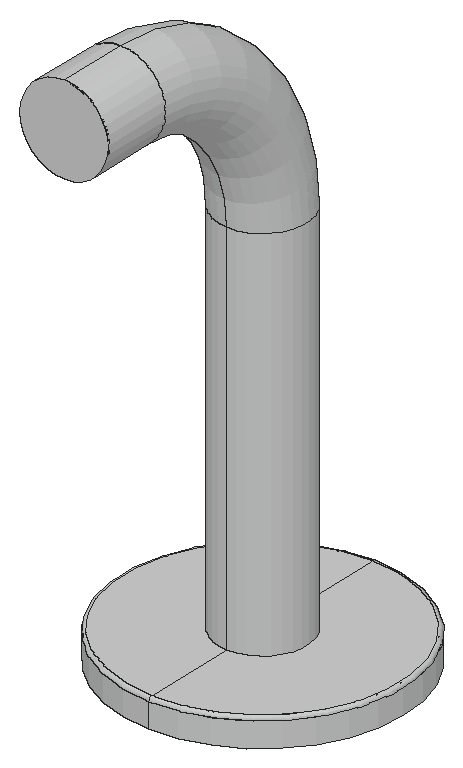
Revit family "Spout_BasinBath_Abey_LuciaBuilders_165_FaceBased", category Plumbing Fixtures, host Face, Revit 2022
Family settings
  Host = Face
  Round Connector Dimension = Use Diameter
  Part Type = Normal
  OmniClass Number = 23.31.11.19
  OmniClass Title = Faucet Mixing Valves
  Cut with Voids When Loaded = Yes
  Maintain Annotation Orientation = No
  Shared = No
  Room Calculation Point = No
Parameters (values of type "Chrome (4CS-165-LF)")
  Waste Connection = no
  Vent Connection = no
  Uniclass2015Version = "Products v1.38"
  Uniclass2015Title = "Mixer taps"
  Uniclass2015Code = "Pr_40_20_87_55"
  URL = "https://www.abey.com.au/"
  Type Comments = "Spout - Basin Bath - 165 - Chrome"
  ModifiedIssue = 20251103
  Model = "4CS-165-LF"
  Material = Metal_Abey_Chrome
  ManufacturerURLProductSpecific = "https://www.abeyspecifier.com.au/product/lucia-builders-basin-bath-outlet-165mm/"
  ManufacturerSpecCode = Model  # "4CS-165-LF"
  ManufacturerOverallWidth = 80 mm  # constant formula
  ManufacturerOverallHeight = 110 mm  # constant formula
  ManufacturerOverallDepth = 177.5 mm  # constant formula
  Manufacturer = "Abey"
  Keynote = ""
  IfcExportType = "FAUCET"
  IfcExportAs = "IfcValve"
  HW Connection = yes
  Description = "Lucia Builders 165mm Basin/Bath Spout Chrome"
  Default Elevation = 1050 mm
  CreatedByURL = "https://igsgroup.com.au"
  CreatedBy = "IGS BIM Solutions"  # constant formula
  Cost = 0
  CW Connection = yes
  Assembly Code = "C1030210"
Types (3, lengths in mm): name | Type Comments | Model | Material | ManufacturerURLProductSpecific | ManufacturerSpecCode | Description
  Chrome (4CS-165-LF) | "Spout - Basin Bath - 165 - Chrome" | "4CS-165-LF" | Metal_Abey_Chrome | "https://www.abeyspecifier.com.au/product/lucia-builders-basin-bath-outlet-165mm/" | "4CS-165-LF" | "Lucia Builders 165mm Basin/Bath Spout Chrome"
  Brushed Nickel (4CS-165-BN-LF) | "Spout - Basin Bath - 165 - Brushed Nickel" | "4CS-165-BN-LF" | Metal_Abey_BrushedNickel | "https://www.abeyspecifier.com.au/product/lucia-builders-basin-bath-outlet-165mm/?attribute_pa_finish=brushed-nickel" | "4CS-165-BN-LF" | "Lucia Builders 165mm Basin/Bath Spout Brushed Nickel"
  Black (4CS-165-B-LF) | "Spout - Basin Bath - 165 - Black" | "4CS-165-B-LF" | Metal_Abey_Black | "https://www.abeyspecifier.com.au/product/lucia-builders-basin-bath-outlet-165mm/?attribute_pa_finish=black" | "4CS-165-B-LF" | "Lucia Builders 165mm Basin/Bath Spout Black"
Reference planes
  plane 1 "Top": y = 31.5
  plane 2 "WallFace": z = 0
  plane 3 "Center (Left/Right)": x = -97.18
  plane 4 "Bottom": y = -78.5
  plane 5 "Left": x = -137.18
  plane 6 "Right": x = -57.18
  plane 7 "Back": z = 0
  plane 8 "Front": z = 177.5
  plane 9 "MountingHeight": y = -8.5
Forms (mm)
  Extrusion 1, void
    sketch origin (0, 0, 0) x (1, 0, 0) y (0, 1, 0)
      loop
        circle (-97.18, -8.5) r 15
    from 0 to -30
Text (mm)
  text "Disclaimer:\nDue to ongoing product development and manufacturing evolution, product details are subject to change without notice. Please refer to product technical data sheets on the manufacturers website for the most current product information. Please allow a +/- 5mm manufacturing tolerance for dimensions and set-outs shown in product literature." at (431.593, 11.453, 0), in view "Ref. Level"
Dimensions and locks
  equal spacing: plane 5 "Left", plane 3 "Center (Left/Right)", plane 6 "Right"
  "ManufacturerOverallWidth": plane 5 "Left" to plane 6 "Right"
  "ManufacturerOverallHeight": plane 4 "Bottom" to plane 1 "Top"
  "ManufacturerOverallDepth": plane 8 "Front" to plane 7 "Back"
  locked: plane 9 "MountingHeight" to plane 1 "Top" at 40
  aligned and locked: plane 2 "WallFace" to host face
  aligned and locked: level to host face
  aligned and locked: plane 7 "Back" to plane 2 "WallFace"
  aligned and locked: plane 7 "Back" to nested 1
  aligned and locked: plane 3 "Center (Left/Right)" to nested 1
  aligned and locked: nested 1 to plane 9 "MountingHeight"
Automatic sketch dimensions
  host sketch curve to host sketch curve = 329.098 mm
  host sketch curve to host sketch curve = 282.2 mm
  Extrusion 1 sketch curve to plane 9 "MountingHeight" = 0 mm
  Extrusion 1 sketch curve to plane 5 "Left" = 40 mm
  radius of Extrusion 1 sketch curve = 15 mm
Nested families
  nested 1: "z_Spout_BasinBath_Abey_LuciaBuilders_165" at (-42.174, -8.5, 305) x (1, 0, 0) z (0, 1, 0), type "Type 1"
Connectors
  piping at (-104.53, -8.5, -1), diameter 12.7, driven by "HW Connection"
    settings: on nested 1, index 1, connector inside diameter 24", connector length 0 mm, flow factor 0, pipe flow 0.00 L/s, pressure drop 0 kPa, fitting loss kfactor 0, connector angle 0.00°, fixture units 0, engagement length 0 mm, angle of deflection 0.00°, flow configuration 2, flow direction 1, fitting loss method 0, system type 19, joint type 0, gender type 0, connector reference index -1, connector utility 1, adjustable connector no, is connector primary yes, connector description "Hot Water Supply"
  piping at (-89.83, -8.5, -1), diameter 12.7, driven by "CW Connection"
    settings: on nested 1, index 2, connector inside diameter 24", connector length 0 mm, flow factor 0, pipe flow 0.00 L/s, pressure drop 0 kPa, fitting loss kfactor 0, connector angle 0.00°, fixture units 0, engagement length 0 mm, angle of deflection 0.00°, flow configuration 2, flow direction 1, fitting loss method 0, system type 20, joint type 0, gender type 0, connector reference index -1, connector utility 1, adjustable connector no, is connector primary no, connector description "Cold Water Supply"
Definition of nested family "z_Spout_BasinBath_Abey_LuciaBuilders_165"
  Parameters (values of type "Type 1")
    Waste Connection = no
    Vent Connection = no
    URL = "https://www.abey.com.au/"
    Type Comments = ""
    Model = ""
    ManufacturerOverallWidth = 80 mm  # constant formula
    ManufacturerOverallHeight = 110 mm  # constant formula
    ManufacturerOverallDepth = 177.5 mm  # constant formula
    Manufacturer = ""
    HW Connection = yes
    Description = ""
    Default Elevation = 0 mm
    CreatedByURL = "https://igsgroup.com.au"
    CreatedBy = "IGS BIM Solutions"  # constant formula
    CW Connection = yes
    Material = none
    Assembly Code = "C1030210"
  Reference planes
    plane 1 "Ref. Level": z = 0
    plane 2 "Left": x = -95.006
    plane 3 "Back": y = 305
    plane 4 "SpoutCenter": y = 140
    plane 5 "Center (Left/Right)": x = -55.006
    plane 6 "Front": y = 127.5
    plane 7 "Right": x = -15.006
    plane 8 "Bottom": z = -70
    plane 9 "Top": z = 40
    plane 10 "MountingHeight": z = 0
  Forms (mm)
    Extrusion 1, solid, material <- "Material"
      sketch origin (-45.006, 305, 1015.5) x (-1, 0, 0) y (0, 0, 1)
        loop
          circle (2.65, -1015.5) r 6.35
        loop
          circle (17.35, -1015.5) r 6.35
      from 0 to 1
    Revolve 2, solid, material <- "Material"
      sketch origin (-55.006, 1216.962, 4160) x (0, 1, 0) y (0, 0, 1)
        loop
          line (-911.962, -4160) -> (-911.962, -4120) -> (-918.962, -4120)
          arc (-918.962, -4120) -> (-919.669, -4120.293) -> (-919.962, -4121) r 1
          line (-919.962, -4121) -> (-919.962, -4160) -> (-911.962, -4160)
        axis (-911.962, -4160) -> (-919.962, -4160)
      angle from 0 to 360
    Sweep 3, solid, material <- "Material"
      path origin (-55.006, 1216.962, 4160) x (0, 1, 0) y (0, 0, 1)
        loop
          line (-911.962, -4160) -> (-1026.962, -4160)
          arc (-1026.962, -4160) -> (-1062.317, -4174.645) -> (-1076.962, -4210) r 50
      profile origin (-55.006, 247.5, 0) x (0, 0, -1) y (1, 0, 0)
        loop
          circle (0, 0) r 12.5
    Extrusion 4, solid, material <- "Material"
      sketch origin (0, -1484, -70) x (0, -1, 0) y (-1, 0, 0)
        loop
          circle (-1624, 55.006) r 12.5
      from 0 to -20
  Cuts and joins
    joined: Revolve 2, Sweep 3
  Lines and regions (mm)
    Masking region 1
      outline origin (0, 0, 40) x (0, -1, 0) y (1, 0, 0)
        loop
          line (-305, -95.006) -> (-298, -95.006)
          arc (-298, -95.006) -> (-297.293, -94.713) -> (-297, -94.006) r 1
          line (-297, -94.006) -> (-297, -67.506) -> (-140, -67.506)
          arc (-140, -67.506) -> (-127.5, -55.006) -> (-140, -42.506) r 12.5
          line (-140, -42.506) -> (-297, -42.506) -> (-297, -16.006)
          arc (-297, -16.006) -> (-297.293, -15.299) -> (-298, -15.006) r 1
          line (-298, -15.006) -> (-305, -15.006) -> (-305, -95.006)
    symbolic lines, detail levels medium+fine
      curve 1: line (-67.506, 297, 40) -> (-42.506, 297, 40)
    symbolic lines
      curve 2: arc (-67.506, 127.5, 0) -> (-55.006, 127.5, 12.5) -> (-42.506, 127.5, 0) r 12.5
  Dimensions and locks
    "ManufacturerOverallDepth": plane 3 "Back" to plane 6 "Front"
    locked: plane 4 "SpoutCenter" to plane 6 "Front" at 12.5
    equal spacing: plane 2 "Left", plane 5 "Center (Left/Right)", plane 7 "Right"
    "ManufacturerOverallWidth": plane 2 "Left" to plane 7 "Right"
    "ManufacturerOverallHeight": plane 9 "Top" to plane 8 "Bottom"
    locked: plane 9 "Top" to plane 10 "MountingHeight" at 40
    aligned and locked: level to plane 1 "Ref. Level"
  Automatic sketch dimensions
    Extrusion 1 sketch curve to level = 0 mm  (x2)
    plane 5 "Center (Left/Right)" to Extrusion 1 sketch curve = 7.35 mm
    Extrusion 1 sketch curve to plane 5 "Center (Left/Right)" = 7.35 mm
    Sweep 3 sketch curve to level = 0 mm
    Sweep 3 sketch curve to plane 3 "Back" = 0 mm
    Sweep 3 sketch curve to plane 8 "Bottom" = 20 mm
    Sweep 3 sketch curve to plane 5 "Center (Left/Right)" = 0 mm
    Sweep 3 sketch curve to profile plane = 0 mm
    Revolve 2 sketch curve to level = 0 mm  (x2)
    plane 9 "Top" to Revolve 2 sketch curve = 0 mm
    Revolve 2 sketch curve to plane 3 "Back" = 0 mm  (x2)
    plane 9 "Top" to Revolve 2 sketch curve = 1 mm
    plane 3 "Back" to Revolve 2 sketch curve = 7 mm
    Revolve 2 sketch curve to Revolve 2 sketch curve = 0 mm
    Sweep 3 sketch curve to plane 4 "SpoutCenter" = 0 mm
    Extrusion 4 sketch curve to plane 4 "SpoutCenter" = 0 mm
    Extrusion 4 sketch curve to plane 5 "Center (Left/Right)" = 0 mm
    plane 3 "Back" to Masking region 1 sketch curve = 0 mm
    Masking region 1 sketch curve to plane 7 "Right" = 0 mm
    Masking region 1 sketch curve to plane 2 "Left" = 0 mm
    Masking region 1 sketch curve to plane 4 "SpoutCenter" = 0 mm
    Masking region 1 sketch curve to plane 5 "Center (Left/Right)" = 0 mm
    Masking region 1 sketch curve to Masking region 1 sketch curve = 7 mm  (x2)
    plane 2 "Left" to Masking region 1 sketch curve = 1 mm
    Masking region 1 sketch curve to Masking region 1 sketch curve = 1 mm
    Masking region 1 sketch curve to Masking region 1 sketch curve = 12.5 mm
    plane 3 "Back" to curve 1 = 8 mm
    curve 1 to plane 5 "Center (Left/Right)" = 12.5 mm
    plane 5 "Center (Left/Right)" to curve 1 = 12.5 mm
    curve 2 to level = 0 mm
    curve 2 to plane 5 "Center (Left/Right)" = 0 mm
    plane 5 "Center (Left/Right)" to curve 2 = 12.5 mm
    radius of Extrusion 1 sketch curve = 6.35 mm  (x2)
    radius of Sweep 3 sketch curve = 12.5 mm
    radius of Extrusion 4 sketch curve = 12.5 mm
